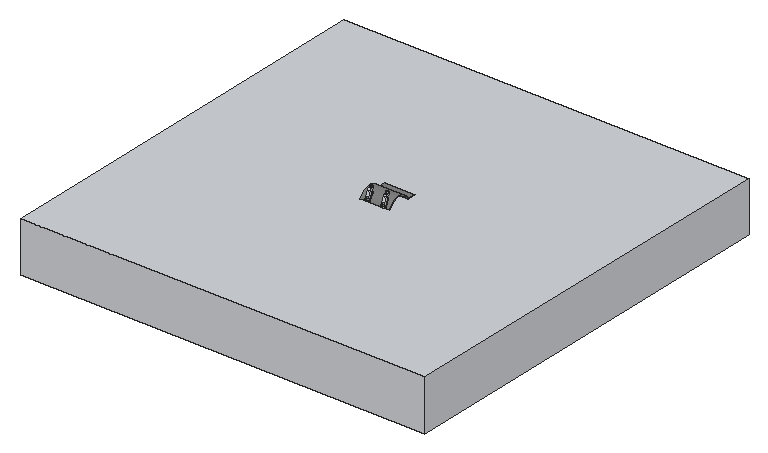
Revit family "Duct_Door-Acudor-Round-RD-5090_Series", category Specialty Equipment, host Face, Revit 2014
Parameters (values of type "RD-5090 7x5")
  Width = 7"
  URL = "http://acudor.com/"
  Type Comments = ""
  Product Page URL = "https://acudor.com/products/duct-access-doors/rd-5090"
  Product Documentation Link = "https://acudor.com/images/acudor/accessdoors/duct/RD5090/RD5090_PS.pdf"
  Outer Duct Radius = Outer Duct Diameter / 2  # 3 1/16"
  Outer Duct Diameter = Duct Diameter + 1/8"  # 6 1/8"
  Model = "RD-5090 7x5"
  Material = "Galvanized Steel-Acudor-16 Gauge-Mill Finish"  # constant formula
  Manufacturer = "Acudor"  # constant formula
  Latch Distance = 1 3/8"
  Installation Type = "Surface Mount"  # constant formula
  Finish = Galvanized Steel-Acudor-16 Gauge-Mill Finish
  Duct Radius = Duct Diameter / 2  # 3"
  Duct Diameter = 6"
  Description = "Round Duct Access Door"  # constant formula
  Default Elevation = 0"  # constant formula
  Assembly Code = "C1020700"
Types (9): name | Width | Outer Duct Radius | Outer Duct Diameter | Model | Latch Distance | Duct Radius | Duct Diameter
  RD-5090 7x5 | 7" | 3 1/16" | 6 1/8" | "RD-5090 7x5" | 1 3/8" | 3" | 6"
  RD-5090 9x8 | 9" | 4 1/16" | 8 1/8" | "RD-5090 9x8" | 1 1/8" | 4" | 8"
  RD-5090 11x9 | 11" | 5 1/16" | 10 1/8" | "RD-5090 11x9" | 15/16" | 5" | 10"
  RD-5090 13x10 | 13" | 6 1/16" | 12 1/8" | "RD-5090 13x10" | 7/8" | 6" | 12"
  RD-5090 15x13 | 15" | 7 1/16" | 14 1/8" | "RD-5090 15x13" | 3/4" | 7" | 14"
  RD-5090 17x13 | 17" | 8 1/16" | 16 1/8" | "RD-5090 17x13" | 11/16" | 8" | 16"
  RD-5090 19x15 | 19" | 9 1/16" | 18 1/8" | "RD-5090 19x15" | 5/8" | 9" | 18"
  RD-5090 19x17 | 19" | 10 1/16" | 20 1/8" | "RD-5090 19x17" | 1/2" | 10" | 20"
  RD-5090 20x17 | 20" | 12 1/16" | 24 1/8" | "RD-5090 20x17" | 3/8" | 12" | 24"
Reference planes (in)
  plane 1 "Center (Front/Back)": y = 0
  plane 2: z = 0
  plane 3 "Center (Left/Right)": x = 0
  plane 4: x = -3.5
  plane 5: x = 3.5
  plane 6: z = -1.35078
  plane 7: y = 3.0625
  plane 8: y = -3.0625
  plane 9: z = -1.35078
  plane 10: z = -7.35078
  plane 11: y = 4.5625
  plane 12: x = -2.25
  plane 13: x = 2.25
  plane 14: y = -1.6875
Forms (in)
  Extrusion 1, solid
    sketch origin (0, 0, 0) x (1, 0, 0) y (0, 1, 0)
      loop
        line (-48, 48) -> (-48, -48) -> (48, -48) -> (48, 48) -> (-48, 48)
    from 0 to -12
  Extrusion 2, solid, material "Galvanized Steel-Acudor-16 Gauge-Mill Finish" <- "Finish"
    sketch origin (0, 0, 0) x (0, 1, 0) y (0, 0, 1)
      loop
        circle (0, -1.35078) r 3
      loop
        circle (0, -1.35078) r 3.0625
    from -3.5 to 3.5
  Extrusion 3, void
    sketch origin (0, 0, 0) x (0, 1, 0) y (0, 0, 1)
      loop
        line (3.0625, 0) -> (-3.0625, 0) -> (-3.0625, -7.35078) -> (3.0625, -7.35078) -> (3.0625, 0)
    from -3.5 to 3.5
  Extrusion 4, solid, material "Galvanized Steel-Acudor-16 Gauge-Mill Finish" <- "Finish"
    sketch origin (0, 0, 0) x (0, 1, 0) y (0, 0, 1)
      loop
        arc (3.18514, 0) -> (3.0625, 0.12264) -> (2.93986, 0) r 0.12264
        line (2.93986, 0) -> (3.18514, 0)
    from -3.5 to 3.5
  Extrusion 5, solid, material "Galvanized Steel-Acudor-16 Gauge-Mill Finish" <- "Finish"
    sketch origin (0, 0, 0) x (0, 1, 0) y (0, 0, 1)
      loop
        line (3.0625, 0) -> (4.5625, 0) -> (4.5625, 0.05791) -> (3.0625, 0.05791) -> (3.0625, 0)
    from -3.5 to 3.5
Cuts and joins
  Extrusion 3 cuts Extrusion 2
  joined: Extrusion 2, Extrusion 4, Extrusion 5
Lines and regions (in)
  Masking region 1
    outline origin (0, 0, 0) x (1, 0, 0) y (0, 0, 1)
      loop
        line (3.5, 0) -> (3.5, 1.71172) -> (-3.5, 1.71172) -> (-3.5, 0) -> (3.5, 0)
  symbolic lines
    curve 1: line (3.5, 0, 0.05791) -> (-3.5, 0, 0.05791)
Dimensions and locks (in)
  equal spacing: plane 4, plane 3 "Center (Left/Right)", plane 5
  "Width": plane 4 to plane 5
  locked: level to plane 6 at 1.35078
  equal spacing: plane 7, plane 1 "Center (Front/Back)", plane 8
  "Outer Duct Diameter": plane 7 to plane 8
  locked: level to plane 9 at 1.35078
  "Duct Diameter": plane 9 to plane 10
  locked: plane 11 to plane 7 at 1.5
  locked: level to Extrusion 5 sketch curve at 0.05791
  "Outer Duct Radius": plane 9 to Masking region 1 sketch curve
  locked: plane 13 to plane 5 at 1.25
  locked: plane 4 to plane 12 at 1.25
  "Latch Distance": plane 14 to plane 8
  "Duct Diameter": diameter of Extrusion 2 sketch curve
  "Outer Duct Diameter": diameter of Extrusion 2 sketch curve
  diameter of Extrusion 4 sketch curve = 0.24529"
  aligned and locked: plane 2 to Extrusion 1
  aligned and locked: level to Extrusion 1
  aligned and locked: plane 1 "Center (Front/Back)" to Extrusion 2 sketch curve
  aligned and locked: plane 6 to Extrusion 2 sketch curve
  aligned and locked: Extrusion 2 to plane 4
  aligned and locked: Extrusion 2 to plane 5
  aligned and locked: Extrusion 3 to plane 4
  aligned and locked: Extrusion 3 to plane 5
  aligned and locked: Extrusion 3 to plane 8
  aligned and locked: plane 7 to Extrusion 3
  aligned and locked: Extrusion 3 to plane 10
  aligned and locked: plane 7 to Extrusion 4 sketch curve
  aligned and locked: level to Extrusion 4 sketch curve
  aligned and locked: Extrusion 4 to plane 4
  aligned and locked: Extrusion 4 to plane 5
  aligned and locked: Extrusion 4 sketch curve to level
  aligned and locked: Extrusion 5 sketch curve to plane 11
  aligned and locked: level to Extrusion 5 sketch curve
  aligned and locked: plane 7 to Extrusion 5 sketch curve
  aligned and locked: Extrusion 5 to plane 4
  aligned and locked: Extrusion 5 to plane 5
  aligned and locked: Masking region 1 sketch curve to cut or joined group of Extrusion 2, Extrusion 3, Extrusion 4, Extrusion 5  (x3)
  aligned and locked: plane 4 to curve 1
  aligned and locked: plane 5 to curve 1
  aligned and locked: curve 1 to cut or joined group of Extrusion 2, Extrusion 3, Extrusion 4, Extrusion 5
  aligned and locked: plane 14 to nested 1
  aligned and locked: nested 1 to plane 12
  aligned and locked: plane 13 to nested 2
  aligned and locked: nested 2 to nested 1
Automatic sketch dimensions
  Extrusion 1 sketch curve to Extrusion 1 sketch curve = 96"  (x2)
  Extrusion 3 sketch curve to level = 0"
  plane 1 "Center (Front/Back)" to Extrusion 3 sketch curve = 3 1/16"
  Extrusion 3 sketch curve to plane 1 "Center (Front/Back)" = 3 1/16"
  Extrusion 3 sketch curve to level = 7.35078"
  Extrusion 2 sketch curve to Extrusion 2 sketch curve = 0"  (x2)
Nested families (in)
  nested 1: "Draw Latch1" at (-1.88871, -1.6875, 1.79483), type "Draw Latch1"
  nested 2: "Draw Latch1" at (1.88871, -1.6875, 1.79483) x (-1, 0, 0) z (0, 0, 1), type "Draw Latch1"
Definition of nested family "Draw Latch1"
  Parameters (values of type "Draw Latch1")
    Price = "Prices may vary. Please consult Manufacturer Representative for most up-to-date price list."  # constant formula
    Material = ""
    Default Elevation = 0"
  Reference planes (in)
    plane 1 "Center (Front/Back)": y = 0
    plane 2: z = 0
    plane 3 "Center (Left/Right)": x = 0
  Forms (in)
    Extrusion 1, solid, material "Metal-Acudor-Stainless Steel"
      sketch origin (0.42836, 0, 0) x (0, -0.906308, 0.422618) y (0, 0.422618, 0.906308)
        loop
          line (0, -0.13777) -> (0, -0.79939)
          arc (0, -0.79939) -> (0.01205, -0.85997) -> (0.04636, -0.91132) r 0.15829
          line (0.04636, -0.91132) -> (0.13605, -1.00101)
          arc (0.13605, -1.00101) -> (0.16619, -1.04612) -> (0.17678, -1.09933) r 0.13905
          line (0.17678, -1.09933) -> (0.17678, -1.29221)
          arc (0.17678, -1.29221) -> (0.20926, -1.37063) -> (0.28769, -1.40312) r 0.11091
          line (0.28769, -1.40312) -> (0.43333, -1.40312)
          arc (0.43333, -1.40312) -> (0.50746, -1.37242) -> (0.53816, -1.29829) r 0.10483
          line (0.53816, -1.29829) -> (0.53816, 0)
          arc (0.53816, 0) -> (0.46839, 0.21332) -> (0.28604, 0.34417) r 0.36097
          arc (0.28604, 0.34417) -> (0.26182, 0.35489) -> (0.24055, 0.37065) r 0.12014
          arc (0.24055, 0.37065) -> (0.15293, 0.49498) -> (0.1233, 0.64416) r 0.36671
          arc (0.1233, 0.64416) -> (0.12817, 0.68354) -> (0.14154, 0.72091) r 0.18035
          line (0.14154, 0.72091) -> (0.26704, 0.97823)
          arc (0.26704, 0.97823) -> (0.26597, 0.99868) -> (0.24806, 1.00861) r 0.02112
          line (0.24806, 1.00861) -> (0.21232, 1.00861) -> (0.07572, 0.72854)
          arc (0.07572, 0.72854) -> (0.06755, 0.70729) -> (0.06319, 0.68495) r 0.13113
          arc (0.06319, 0.68495) -> (0.08934, 0.48547) -> (0.20353, 0.31982) r 0.42921
          arc (0.20353, 0.31982) -> (0.23214, 0.2993) -> (0.2645, 0.28541) r 0.16266
          arc (0.2645, 0.28541) -> (0.41713, 0.17752) -> (0.47566, 0) r 0.29847
          line (0.47566, 0) -> (0.13777, 0)
          arc (0.13777, 0) -> (0.04035, -0.04035) -> (0, -0.13777) r 0.13777
      from 0.06707 to 0.78965
    Sweep 2, solid, material "Metal-Acudor-Stainless Steel"
      path origin (0, 0, 0) x (1, 0, 0) y (0, 0.422618, 0.906308)
        loop
          line (0.38711, -0.11031) -> (-0.38711, -0.11031)
          arc (-0.38711, -0.11031) -> (-0.46694, -0.14338) -> (-0.5, -0.2232) r 0.11289
          line (-0.5, -0.2232) -> (-0.5, -1.92187)
          arc (-0.5, -1.92187) -> (-0.46682, -2.00197) -> (-0.38672, -2.03515) r 0.11328
          line (-0.38672, -2.03515) -> (0.38672, -2.03515)
          arc (0.38672, -2.03515) -> (0.46682, -2.00197) -> (0.5, -1.92187) r 0.11328
          line (0.5, -1.92187) -> (0.5, -0.2232)
          arc (0.5, -0.2232) -> (0.46694, -0.14338) -> (0.38711, -0.11031) r 0.11289
      profile origin (0, -0.04662, -0.09998) x (0, -0.422618, -0.906308) y (0, -0.906308, 0.422618)
        loop
          circle (0, 0.12278) r 0.04452
  Cuts and joins
    joined: Extrusion 1, Sweep 2
  Dimensions and locks (in)
    equal spacing: Extrusion 1, plane 3 "Center (Left/Right)", Extrusion 1
    locked: Extrusion 1 to Extrusion 1 at 0.72258
  Automatic sketch dimensions
    Extrusion 1 sketch curve to Extrusion 1 sketch curve = 0"  (x8)
    plane 1 "Center (Front/Back)" to Extrusion 1 sketch curve = 0.33784"
    Extrusion 1 sketch curve to level = 0.7245"
    Extrusion 1 sketch curve to Extrusion 1 sketch curve = 0.03772"
    Extrusion 1 sketch curve to Extrusion 1 sketch curve = 0.04636"
    Extrusion 1 sketch curve to Extrusion 1 sketch curve = 0.07572"
    Extrusion 1 sketch curve to Extrusion 1 sketch curve = 0.08969"  (x2)
    Extrusion 1 sketch curve to Extrusion 1 sketch curve = 0.13777"
    Extrusion 1 sketch curve to Extrusion 1 sketch curve = 0.06582"
    Extrusion 1 sketch curve to Extrusion 1 sketch curve = 0.11193"
    Extrusion 1 sketch curve to Extrusion 1 sketch curve = 0.04073"
    Extrusion 1 sketch curve to Extrusion 1 sketch curve = 0.03942"
    Extrusion 1 sketch curve to Extrusion 1 sketch curve = 0.05204"
    Extrusion 1 sketch curve to Extrusion 1 sketch curve = 0.07078"
    Extrusion 1 sketch curve to Extrusion 1 sketch curve = 0.03574"
    Extrusion 1 sketch curve to Extrusion 1 sketch curve = 0.01898"
    Extrusion 1 sketch curve to Extrusion 1 sketch curve = 0.11091"
    Extrusion 1 sketch curve to Extrusion 1 sketch curve = 0.11005"
    Extrusion 1 sketch curve to Extrusion 1 sketch curve = 0.00845"
    Extrusion 1 sketch curve to Extrusion 1 sketch curve = 0.01018"
    Extrusion 1 sketch curve to Extrusion 1 sketch curve = 0.14564"
    Extrusion 1 sketch curve to Extrusion 1 sketch curve = 0.29847"
    Extrusion 1 sketch curve to Extrusion 1 sketch curve = 0.18635"
    Extrusion 1 sketch curve to Extrusion 1 sketch curve = 1/16"
    Extrusion 1 sketch curve to Extrusion 1 sketch curve = 0.19287"
    Extrusion 1 sketch curve to Extrusion 1 sketch curve = 0.66162"
    Extrusion 1 sketch curve to Extrusion 1 sketch curve = 0.44095"
    Extrusion 1 sketch curve to Extrusion 1 sketch curve = 0.01776"
    Extrusion 1 sketch curve to Extrusion 1 sketch curve = 0.18075"
    Extrusion 1 sketch curve to Extrusion 1 sketch curve = 0.18314"
    Extrusion 1 sketch curve to Extrusion 1 sketch curve = 0.0292"
    Extrusion 1 sketch curve to Extrusion 1 sketch curve = 0.04986"
    Extrusion 1 sketch curve to Extrusion 1 sketch curve = 0.00763"
    Extrusion 1 sketch curve to Extrusion 1 sketch curve = 0.25732"
    Extrusion 1 sketch curve to Extrusion 1 sketch curve = 0.00926"
    Sweep 2 sketch curve to plane 3 "Center (Left/Right)" = 1/2"
    Sweep 2 sketch curve to Sweep 2 sketch curve = 0.11289"  (x2)
    Sweep 2 sketch curve to Sweep 2 sketch curve = 29/256"
    plane 3 "Center (Left/Right)" to Sweep 2 sketch curve = 99/256"
    plane 3 "Center (Left/Right)" to Sweep 2 sketch curve = 0.38711"
    Sweep 2 sketch curve to Sweep 2 sketch curve = 1.69867"
    Sweep 2 sketch curve to profile plane = 0"
    profile plane to Sweep 2 sketch curve = 0.12278"
    radius of Sweep 2 sketch curve = 0.04452"
